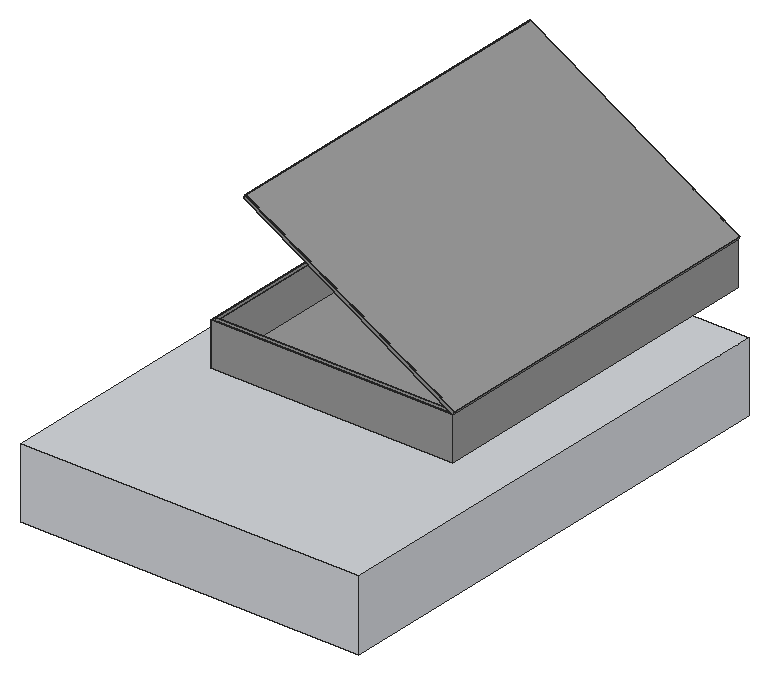
Revit family "Hager-Univers-IP54-D205-H550-Cl.I-encl-DE-de", category Equipement électrique, Revit 2020
Family settings
  Hôte = Face
  Configuration du panneau = Deux colonnes, circuits au sein
  Cote de connecteur circulaire = Utiliser le diamètre
  Type d'élément = Tableau de raccordement
  Couper avec des vides une fois chargée = Non
  Partagée = Non
  Point de calcul de pièce = Non
Parameters (values of type "Aufputz IP54 B1050 H1550 T205  - FP04TW2")
  Width Control [instance] = if([EF000008 - Breite] > Min Width, [EF000008 - Breite], Min Width)  # 1050 mm
  Commentaires du type = [HG000003 - Bereich]  # "Univers"
  Thickness Door [instance] = if([EF009171 - Materialstärke Tür/Deckel] > 3 mm, 3 mm, [EF009171 - Materialstärke Tür/Deckel])  # 1 mm
  Seal Frame Offset [instance] = 17 mm  # constant formula
  Plinth Visibility [instance] = [HG000027 - Sockelhöhe] > 0 mm  # no
  Model = ""
  Min Width [instance] = 100 mm  # constant formula
  Min Height [instance] = 100 mm  # constant formula
  Min Depth [instance] = (2 * [EF009170 - Materialstärke Gehäuse]) + 1 mm  # 3 mm
  Internal Frame Depth [instance] = (Door System Depth * 0.5)  # 9 mm
  Height Control [instance] = if([EF000040 - Höhe] > Min Height, [EF000040 - Höhe], Min Height)  # 1550 mm
  HG000027 - Sockelhöhe = 0 mm
  HG000026 - Stehend auf dem Boden = no
  HG000024 - Höhe des unteren Teils = 800 mm
  HG000023 - Gehäuse mit doppeltem Querschnitt = no
  HG000016 - 3D-Türsichtbarkeit [instance] = yes
  HG000015 - Sichtbarkeit der Türöffnung [instance] = no
  HG000014 - Tür rechts [instance] = yes
  HG000013 - Tür links [instance] = not([HG000014 - Tür rechts])  # no
  HG000012 - Türschwenkwinkel [instance] = 30.00°
  HG000010 - Asymmetrische Türen = no
  HG000009 - Doppelflügeligen Tür = no
  HG000006 - Unterputz = no
  HG000004 - Herstellerreferenz = "FP04TW2"
  HG000003 - Bereich = "Univers"
  HG000002 - Mit tür = yes
  Frame Offset Bottom [instance] = 10 mm  # constant formula
  Frame Offset [instance] = 15 mm  # constant formula
  EF015940 - Deckel mit Überdruckentlastung = no
  EF011959 - Schutzart (NEMA) = ""
  EF009554 - Anzahl der Öffnungen für Flanschplatten = 8
  Fabricant = "Hager"  # constant formula
  EF009212 - Ausführung Deckel = "EV000116 - geschlossen"
  EF009171 - Materialstärke Tür/Deckel = 1 mm
  EF009170 - Materialstärke Gehäuse = 1 mm
  EF008873 - Nennstrom (In) = 400 A
  EF007800 - Geeignet für Blitzschutz = no
  EF006306 - Mit Schloss = no
  EF006244 - Transparenter Deckel/Tür = no
  EF005474 - Schutzart (IP) = "EV006419 - IP54"
  EF004464 - Art der Tür = "EV003602 - Doppel"
  EF004427 - Anzahl der Module = 480
  EF004293 - Schlagfestigkeit = "EV006815 - IK09"
  EF003532 - Geeignet für Außengebrauch = no
  EF002950 - Breite in Teilungseinheiten = 48
  EF001613 - Funktionserhalt = "EV000494 - ohne"
  EF001596 - Werkstoff des Gehäuses = "EV000179 - Stahl"
  EF001131 - Innentiefe = 205 mm
  EF001088 - Anbaumöglichkeit = yes
  EF000437 - Anzahl der Leitungseinführungen = 8
  EF000339 - Art der Abdeckung = "EV001012 - Deckel"
  EF000266 - Anzahl der Reihen = 10
  EF000218 - Einbautiefe = 205 mm
  EF000118 - Mit Montageplatte = no
  EF000116 - RAL-Nummer = "9010"
  EF000049 - Tiefe = 205 mm
  EF000040 - Höhe = 1550 mm
  EF000008 - Breite = 1050 mm
  EF000007 - Farbe = "EV000202 - weiß"
  EF000003 - Montageart = "EV000384 - Aufputz"
  Door System Leaf Tolerance [instance] = 1.5 mm  # constant formula
  Door System Depth [instance] = 18 mm  # constant formula
  Door Height [instance] = Height Control - [HG000027 - Sockelhöhe]  # 1550 mm
  Depth Control [instance] = if([EF000049 - Tiefe] > Min Depth, [EF000049 - Tiefe], Min Depth)  # 205 mm
  Default Elevation = 0 mm
  Connector Offset [instance] = Height Control / 2  # 775 mm
  Bottom Top Plate Trim [instance] = 1.5 mm  # constant formula
  Plinth height Ctrl [instance] = if([HG000027 - Sockelhöhe] > 0 mm, [HG000027 - Sockelhöhe], 12 mm)  # 12 mm
Reference planes
  plane 1 "Center (Front/Back)": y = 0
  plane 2: z = 0
  plane 3 "Center (Left/Right)": x = 0
  plane 4: z = 205
  plane 5: y = 1
  plane 6: y = 775
  plane 7: y = 0
  plane 8: y = 1550
  plane 9: z = 0
  plane 10: x = -510
  plane 11: x = 510
  plane 12: x = 509
  plane 13: x = -509
  plane 14: y = 1549
  plane 15: x = -508
  plane 16: x = -525
  plane 17: x = 508
  plane 18: x = 525
  plane 19: x = 524
  plane 20: x = -524
  plane 21: y = 11
  plane 22: y = 1550
  plane 23: y = 1534
  plane 24: z = 187
  plane 25: z = 1
  plane 26: z = 186
  plane 27: z = 204
Forms (mm)
  Extrusion 1, solid
    sketch origin (0, 0, 0) x (1, 0, 0) y (0, 1, 0)
      loop
        line (-702.964, 1305) -> (-702.964, -811.445) -> (766.763, -811.445) -> (766.763, 1305) -> (-702.964, 1305)
    from 0 to -304.8
  Extrusion 2, solid, material "Hager_Steel_RAL7035_Light_Grey", visible <- "Plinth Visibility", detail levels medium+fine
    sketch origin (0, 0, 0) x (1, 0, 0) y (0, 1, 0)
      loop
        line (-525, 0) -> (525, 0) -> (525, 12) -> (-525, 12) -> (-525, 0)
    from 0 to 187
  Extrusion 3, solid, material "Hager_Steel_RAL7035_Light_Grey", detail levels medium+fine
    sketch origin (0, 0, 0) x (1, 0, 0) y (0, 1, 0)
      loop
        line (-525, 0) -> (525, 0) -> (525, 1550) -> (-525, 1550) -> (-525, 0)
    from 0 to 187
  Extrusion 4, void
    sketch origin (0, 0, 0) x (1, 0, 0) y (0, 1, 0)
      loop
        line (-524, 1) -> (524, 1) -> (524, 1549) -> (-524, 1549) -> (-524, 1)
    from 1 to 186
  Extrusion 5, void
    sketch origin (-381.607, -4572, 187) x (0, -1, 0) y (-1, 0, 0)
      loop
        line (-4583, 127.393) -> (-6106, 127.393) -> (-6106, -890.607) -> (-4583, -890.607) -> (-4583, 127.393)
    from 0 to 1 <- "EF009170 - Materialstärke Gehäuse"
  Extrusion 6, solid, material "Hager_Steel_RAL7035_Light_Grey", detail levels fine
    sketch origin (0, 0, 187) x (1, 0, 0) y (0, 1, 0)
      loop
        line (-509, 1534) -> (-509, 11) -> (509, 11) -> (509, 1534) -> (-509, 1534)
      loop
        line (-510, 10) -> (510, 10) -> (510, 1535) -> (-510, 1535) -> (-510, 10)
    from 0 to 9 <- "Internal Frame Depth"
  Extrusion 7, solid, material "Hager_Steel_RAL7035_Light_Grey", detail levels coarse
    sketch origin (0, 0, 0) x (1, 0, 0) y (0, 1, 0)
      loop
        line (-525, 0) -> (525, 0) -> (525, 1550) -> (-525, 1550) -> (-525, 0)
    from 0 to 205
  Sweep 8, void
    path in 3D
      loop
        line (-525, 12, 0) -> (525, 12, 0) -> (525, 12, 187) -> (-525, 12, 187) -> (-525, 12, 0)
    profile origin (-525, 12, 93.5) x (-1, 0, 0) y (0, -1, 0)
      loop
        line (0, 0) -> (0, 1.5) -> (-1.5, 1.5)
        arc (-1.5, 1.5) -> (-1.061, 0.439) -> (0, 0) r 1.5
Cuts and joins
  Extrusion 4, Extrusion 5 cuts Extrusion 3
  Sweep 8 cuts Extrusion 2
Lines and regions (mm)
  Masking region 1
    outline origin (0, 0, 0) x (1, 0, 0) y (0, 0, 1)
      loop
        line (-525, 205) -> (-525, 0) -> (525, 0) -> (525, 205) -> (-525, 205)
  Masking region 2, detail levels medium+fine
    outline origin (0, 140, 0) x (0, 1, 0) y (0, 0, 1)
      loop
        line (-140, 0) -> (1410, 0) -> (1410, 187) -> (-140, 187) -> (-140, 0)
  Masking region 3, not visible, detail levels medium+fine
    outline origin (0, 297.922, 0) x (0, 1, 0) y (0, 0, 1)
      loop
        line (488.578, 0) -> (528.578, 0) -> (528.578, 194)
        arc (528.578, 194) -> (525.649, 201.071) -> (518.578, 204) r 10
        line (518.578, 204) -> (488.578, 204) -> (488.578, 0)
  Masking region 4, detail levels coarse
    outline origin (0, 0, 180) x (0, 1, 0) y (0, 0, 1)
      loop
        line (0, -180) -> (1550, -180) -> (1550, 25) -> (0, 25) -> (0, -180)
  Masking region 5, visible <- "Plinth Visibility", detail levels medium+fine
    outline origin (0, 52.24, 12.345) x (0, 0, -1) y (0, 1, 0)
      loop
        line (10.845, -40.24) -> (-173.155, -40.24)
        arc (-173.155, -40.24) -> (-173.594, -41.301) -> (-174.655, -41.74) r 1.5
        line (-174.655, -41.74) -> (-174.655, -52.24) -> (12.345, -52.24) -> (12.345, -41.74)
        arc (12.345, -41.74) -> (11.285, -41.301) -> (10.845, -40.24) r 1.5
  Masking region 6, detail levels medium+fine
    outline origin (-381.607, -4572, 187) x (-1, 0, 0) y (0, -1, 0)
      loop
        line (143.393, -6122) -> (143.393, -4572) -> (-906.607, -4572) -> (-906.607, -6122) -> (143.393, -6122)
  Masking region 7, visible <- "Plinth Visibility", detail levels medium+fine
    outline origin (-381.607, -4727, 187) x (-1, 0, 0) y (0, -1, 0)
      loop
        arc (141.893, -4739) -> (142.332, -4737.939) -> (143.393, -4737.5) r 1.5
        line (143.393, -4737.5) -> (143.393, -4727) -> (-906.607, -4727) -> (-906.607, -4737.5)
        arc (-906.607, -4737.5) -> (-905.546, -4737.939) -> (-905.107, -4739) r 1.5
        line (-905.107, -4739) -> (141.893, -4739)
  Masking region 8, detail levels coarse
    outline origin (-442.548, -4669.526, 187) x (-1, 0, 0) y (0, -1, 0)
      loop
        line (82.452, -6219.526) -> (82.452, -4669.526) -> (-967.548, -4669.526) -> (-967.548, -6219.526) -> (82.452, -6219.526)
  sketch lines
    curve 1: line (-525, 12, 187) -> (-525, 12, 0)
    curve 2: line (525, 12, 187) -> (-525, 12, 187)
    curve 3: line (525, 12, 187) -> (525, 12, 0)
    curve 4: line (-525, 12, 0) -> (525, 12, 0)
Dimensions and locks
  "Depth Control": plane 4 to Extrusion 1
  "HG000027 - Sockelhöhe": plane 1 "Center (Front/Back)" to plane 7
  "EF009170 - Materialstärke Gehäuse": plane 5 to plane 7
  locked: connector elem to plane 3 "Center (Left/Right)"
  equal spacing: plane 8, plane 6, plane 7
  locked: connector elem to plane 6
  "EF009170 - Materialstärke Gehäuse": plane 8 to plane 14
  "EF009170 - Materialstärke Gehäuse": plane 10 to plane 13
  "EF009170 - Materialstärke Gehäuse": plane 12 to plane 11
  "Frame Offset": plane 20 to plane 13
  "Frame Offset": plane 12 to plane 19
  "EF009170 - Materialstärke Gehäuse": plane 16 to plane 20
  "EF009170 - Materialstärke Gehäuse": plane 19 to plane 18
  "Seal Frame Offset": plane 16 to plane 15
  "Seal Frame Offset": plane 17 to plane 18
  "Frame Offset Bottom": plane 21 to plane 5
  "Frame Offset": plane 14 to plane 23
  equal spacing: plane 16, plane 3 "Center (Left/Right)", plane 18
  "Width Control": plane 16 to plane 18
  "EF009170 - Materialstärke Gehäuse": plane 4 to plane 27
  "EF009170 - Materialstärke Gehäuse": plane 24 to plane 26
  "EF009170 - Materialstärke Gehäuse": plane 25 to level
  "Door System Depth": plane 4 to plane 24
  "Height Control": plane 1 "Center (Front/Back)" to Extrusion 7 sketch curve
  "Height Control": Masking region 4 sketch curve to plane 1 "Center (Front/Back)"
  "Height Control": plane 1 "Center (Front/Back)" to plane 22
  "Bottom Top Plate Trim": profile plane to Sweep 8 sketch curve
  "Bottom Top Plate Trim": Sweep 8 sketch curve to profile plane
  "Plinth height Ctrl": plane 1 "Center (Front/Back)" to Extrusion 2 sketch curve
  "Plinth height Ctrl": Masking region 5 sketch curve to plane 1 "Center (Front/Back)"
  "Plinth height Ctrl": plane 1 "Center (Front/Back)" to Masking region 7 sketch curve
  "Thickness Door": Extrusion 6 sketch curve to Extrusion 6 sketch curve  (x3)
  "Thickness Door": cut or joined group of Extrusion 3, Extrusion 4, Extrusion 5 to Extrusion 6 sketch curve
  radius of Masking region 3 sketch curve = 10 mm
  "Bottom Top Plate Trim": radius of Masking region 5 sketch curve  (x2)
  "Bottom Top Plate Trim": radius of Sweep 8 sketch curve
  "Bottom Top Plate Trim": radius of Masking region 7 sketch curve  (x2)
  aligned and locked: plane 2 to Extrusion 1
  aligned and locked: level to Extrusion 1
  aligned and locked: level to Masking region 1 sketch curve
  aligned and locked: Masking region 1 sketch curve to plane 18
  aligned and locked: Masking region 1 sketch curve to plane 16
  aligned and locked: plane 7 to Masking region 2 sketch curve
  aligned and locked: level to Masking region 3 sketch curve
  aligned and locked: Masking region 3 sketch curve to plane 27
  aligned and locked: level to Masking region 2 sketch curve
  aligned and locked: plane 1 "Center (Front/Back)" to Extrusion 2 sketch curve
  aligned and locked: Extrusion 3 sketch curve to plane 7
  aligned and locked: plane 16 to Extrusion 3 sketch curve
  aligned and locked: plane 18 to Extrusion 3 sketch curve
  aligned and locked: plane 20 to Extrusion 4 sketch curve
  aligned and locked: plane 19 to Extrusion 4 sketch curve
  aligned and locked: Extrusion 4 sketch curve to plane 5
  aligned and locked: Extrusion 4 to plane 25
  aligned and locked: plane 26 to Extrusion 4
  aligned and locked: plane 24 to Extrusion 3
  aligned and locked: Extrusion 5 sketch curve to plane 21
  aligned and locked: Extrusion 5 sketch curve to plane 13
  aligned and locked: Extrusion 5 sketch curve to plane 12
  aligned and locked: plane 18 to Extrusion 7 sketch curve
  aligned and locked: plane 1 "Center (Front/Back)" to Extrusion 7 sketch curve
  aligned and locked: plane 16 to Extrusion 7 sketch curve
  aligned and locked: plane 4 to Extrusion 7
  aligned and locked: Extrusion 7 to level
  aligned and locked: level to Masking region 4 sketch curve
  aligned and locked: Masking region 4 sketch curve to plane 1 "Center (Front/Back)"
  aligned and locked: Masking region 4 sketch curve to plane 4
  aligned and locked: nested 1 to level
  aligned and locked: nested 1 to plane 16
  aligned and locked: Extrusion 3 sketch curve to plane 8
  aligned and locked: Extrusion 5 sketch curve to plane 23
  aligned and locked: Extrusion 4 sketch curve to plane 14
  aligned and locked: Masking region 2 sketch curve to plane 8
  aligned and locked: level to Masking region 5 sketch curve
  aligned and locked: plane 16 to Extrusion 2 sketch curve
  aligned and locked: plane 18 to Extrusion 2 sketch curve
  aligned and locked: Masking region 5 sketch curve to plane 24
  aligned and locked: Masking region 2 sketch curve to plane 24
  aligned and locked: plane 24 to Extrusion 2
  aligned and locked: profile plane to Sweep 8 sketch curve  (x2)
  aligned and locked: Masking region 6 sketch curve to plane 18
  aligned and locked: Masking region 6 sketch curve to plane 22
  aligned and locked: Masking region 6 sketch curve to plane 16
  aligned and locked: plane 8 to plane 22
  aligned and locked: Masking region 6 sketch curve to plane 7
  aligned and locked: Masking region 7 sketch curve to plane 16
  aligned and locked: Masking region 7 sketch curve to plane 1 "Center (Front/Back)"
  aligned and locked: Masking region 7 sketch curve to plane 18
  aligned and locked: Masking region 8 sketch curve to plane 1 "Center (Front/Back)"
  aligned and locked: Masking region 8 sketch curve to plane 18
  aligned and locked: Masking region 8 sketch curve to plane 22
  aligned and locked: Masking region 8 sketch curve to plane 16
  aligned and locked: nested 2 to plane 7
  aligned and locked: plane 3 "Center (Left/Right)" to nested 2
  aligned and locked: nested 2 to plane 24
  aligned and locked: Extrusion 6 sketch curve to cut or joined group of Extrusion 3, Extrusion 4, Extrusion 5  (x4)
Automatic sketch dimensions
  Extrusion 1 sketch curve to Extrusion 1 sketch curve = 1469.727 mm
  Extrusion 1 sketch curve to Extrusion 1 sketch curve = 2116.445 mm
  Masking region 1 sketch curve to plane 4 = 0 mm
  plane 6 to Masking region 3 sketch curve = 11.5 mm
  Masking region 3 sketch curve to Masking region 3 sketch curve = 30 mm
  Masking region 5 sketch curve to plane 1 "Center (Front/Back)" = 0 mm
Nested families
  nested 1: "Hager_Enclosure_Symbol" at (-525, 0, 0) x (1, 0, 0) z (0, -1, 0), Height <- "Depth Control", Width <- "Width Control", type "Hager_Enclosure_Symbol"
    with Width_Ctrl 1050 mm, Width 1050 mm, Height_Ctrl 205 mm, Height 205 mm, A_Width_Int 13.453 mm, A_Width 161.438 mm, A_Height_Ctrl 179.375 mm, A_Height 179.375 mm
  nested 2: "EC000058_Univers_Door" at (0, 0, 187) x (1, 0, 0) z (0, 1, 0), Leaf_Tolerance <- "Door System Leaf Tolerance", Angle <- "HG000012 - Türschwenkwinkel", Door_Depth <- "Door System Depth", Door_Left <- "HG000013 - Tür links", Transparent <- "EF006244 - Transparenter Deckel/Tür", Assymetrical <- "HG000010 - Asymmetrische Türen", Width <- "Width Control", Clearance <- "HG000015 - Sichtbarkeit der Türöffnung", Double <- "HG000009 - Doppelflügeligen Tür", 3d_Door <- "HG000016 - 3D-Türsichtbarkeit", Lock_Visibility <- "EF006306 - Mit Schloss", Width_Ctrl <- "Width Control", Door_Right <- "HG000014 - Tür rechts", Door <- "HG000002 - Mit tür", Height <- "Door Height", Thickness <- "Thickness Door", type "EC000058_Univers_Door", detail levels medium+fine
    with min_wh 3 mm, Width_Ctrl 1050 mm, Width 1050 mm, Transparent no, Thickness 1 mm, Seal_Material Hager_Rubber, Lock_Visibility no, Lock_Material Hager_Plastic_RAL9005_Jet_Black, Leaf_Width 1050 mm, Leaf_Tolerance_External_Sides 0 mm, Leaf_Tolerance 1.5 mm, Leaf_Offset 0 mm, Leaf_Height 1547 mm, Leaf_2_Width 1050 mm, Leaf_2_Offset 525 mm, Leaf_1_Width 1050 mm, Leaf_1_Offset 525 mm, Height_Ctrl 1550 mm, Height 1550 mm, Glass_Material Hager_Glass, Double_Clearance_Ctrl no, Double no, Door_Right_Ctrl yes, Door_Right yes, Door_Material Hager_Steel_RAL7035_Light_Grey, Door_Left_Ctrl no, Door_Left no, Door_Depth 18 mm, Door yes, Clearance_Material Hager_Clearance, Clearance_Depth 1050 mm, Clearance_Ctrl no, Clearance no, Assymetrical no, Angle 30.00°, 3d_Door yes
Connectors
  electrical at (0, 775, 0)
    settings: on plane 9, index 1, voltage 0 V, apparent load 0 VA, apparent load phase1 0 VA, apparent load phase2 0 VA, apparent load phase3 0 VA, power factor 1, load classification "Other", number of poles 1, system type 30, power factor state 1, is connector primary yes, connector utility no, sub classification motor no, connector description ""
Definition of nested family "EC000058_Univers_Door"
  Parameters (values of type "EC000058_Univers_Door")
    min_wh [instance] = (2 * Thickness) + 1 mm  # 11 mm
    Width_Ctrl [instance] = 400 mm
    Width [instance] = 500 mm
    Transparent [instance] = yes
    Thickness [instance] = 5 mm
    Seal_Material [instance] = none
    Lock_Visibility [instance] = yes
    Lock_Material [instance] = none
    Leaf_Width [instance] = if((Width_Ctrl - 2 * Leaf_Tolerance_External_Sides) > 0 mm, (Width_Ctrl - 2 * Leaf_Tolerance_External_Sides), min_wh)  # 400 mm
    Leaf_Tolerance_External_Sides [instance] = 0 mm  # constant formula
    Leaf_Tolerance [instance] = 1.5 mm
    Leaf_Offset [instance] = 0 mm  # constant formula
    Leaf_Height [instance] = if((Height_Ctrl - 2 * Leaf_Tolerance) > 0 mm, (Height_Ctrl - 2 * Leaf_Tolerance), min_wh)  # 497 mm
    Leaf_2_Width [instance] = if(and(and(Double, Assymetrical), Door_Left), (Leaf_Width / 3) - (Leaf_Tolerance / 2), if(and(and(Double, Assymetrical), Door_Right), (Leaf_Width / 3) * 2 - (Leaf_Tolerance / 2), if(and(Double, not(Assymetrical)), (Leaf_Width / 2) - Leaf_Tolerance, Leaf_Width)))  # 400 mm
    Leaf_2_Offset [instance] = if(and(Double, Assymetrical), Leaf_2_Width / 2, if(and(Double, not(Assymetrical)), Leaf_Width / 4, Leaf_Width / 2))  # 200 mm
    Leaf_1_Width [instance] = if(and(and(Double, Assymetrical), Door_Right), (Leaf_Width / 3) - (Leaf_Tolerance / 2), if(and(and(Double, Assymetrical), Door_Left), (Width / 3) * 2 - (Leaf_Tolerance / 2), if(and(Double, not(Assymetrical)), (Leaf_Width / 2) - Leaf_Tolerance, Leaf_Width)))  # 400 mm
    Leaf_1_Offset [instance] = if(and(Double, Assymetrical), Leaf_1_Width / 2, if(and(Double, not(Assymetrical)), Leaf_Width / 4, Leaf_Width / 2))  # 200 mm
    Height_Ctrl [instance] = if(Height > min_wh, Height, min_wh)  # 500 mm
    Height [instance] = 500 mm
    Glass_Material [instance] = none
    Double_Clearance_Ctrl [instance] = and(Double, Clearance)  # no
    Double [instance] = no
    Door_Right_Ctrl [instance] = and(or(Door_Right, Double), Door)  # yes
    Door_Right [instance] = yes
    Door_Material [instance] = none
    Door_Left_Ctrl [instance] = and(or(Door_Left, Double), Door)  # no
    Door_Left [instance] = no
    Door_Depth [instance] = 30 mm
    Door [instance] = yes
    Default Elevation = 1219.2 mm
    Clearance_Material [instance] = none
    Clearance_Depth [instance] = if(Leaf_1_Width > Leaf_2_Width, Leaf_1_Width, Leaf_2_Width)  # 400 mm
    Clearance_Ctrl [instance] = and(not(Double), Clearance)  # yes
    Clearance [instance] = yes
    Assymetrical [instance] = yes
    Angle [instance] = 30.00°
    3d_Door [instance] = yes
  Reference planes
    plane 1 "Center (Front/Back)": y = 0
    plane 2 "Bottom": z = 0
    plane 3 "Center (Left/Right)": x = 0
    plane 4: z = 500
    plane 5: x = -200
    plane 6: x = 200
    plane 7: z = 500
    plane 8: x = -200
    plane 9: z = 0
    plane 10: x = 200
    plane 11: y = 0
    plane 12: z = 1.5
    plane 13: x = -600
    plane 14: y = -400
    plane 15: x = 600
    plane 16: x = 0
    plane 17: x = 0
    plane 18: x = -200
    plane 19: x = 200
    plane 20: z = 498.5
  Forms (mm)
    Extrusion 1, solid, material <- "Clearance_Material", visible <- "Double_Clearance_Ctrl"
      sketch origin (1200, 0, 0) x (1, 0, 0) y (0, 0, -1)
        loop
          line (-1800, -498.5) -> (-600, -498.5) -> (-600, 0) -> (-1800, 0) -> (-1800, -498.5)
      from 0 to -400
  Dimensions and locks
    equal spacing: plane 5, plane 3 "Center (Left/Right)", plane 6
    "Width_Ctrl": plane 5 to plane 6
    "Leaf_Offset": plane 5 to plane 8
    "Leaf_Offset": plane 6 to plane 10
    "Leaf_Offset": plane 9 to level
    "Leaf_Offset": plane 4 to plane 7
    "Height_Ctrl": plane 4 to level
    "Leaf_Tolerance": plane 12 to plane 9
    locked: plane 11 to plane 1 "Center (Front/Back)"
    "Leaf_1_Offset": plane 18 to plane 16
    "Leaf_2_Offset": plane 17 to plane 19
    "Leaf_1_Width": plane 13 to plane 8
    "Leaf_2_Width": plane 10 to plane 15
    "Clearance_Depth": plane 14 to plane 1 "Center (Front/Back)"
    "Leaf_Tolerance_External_Sides": plane 8 to plane 18
    "Leaf_Tolerance_External_Sides": plane 19 to plane 10
    "Leaf_Tolerance": plane 7 to plane 20
    aligned and locked: level to plane 2 "Bottom"
    aligned and locked: nested 1 to plane 16
    aligned and locked: nested 2 to plane 17
    aligned and locked: Extrusion 1 to plane 13
    aligned and locked: plane 15 to Extrusion 1
    aligned and locked: Extrusion 1 to plane 14
    aligned and locked: plane 12 to nested 1
    aligned and locked: nested 2 to plane 12
    aligned and locked: Extrusion 1 to plane 11
    aligned and locked: plane 20 to Extrusion 1
    aligned and locked: nested 2 to plane 11
    aligned and locked: nested 1 to plane 11
  Automatic sketch dimensions
    Extrusion 1 sketch curve to level = 0 mm
    plane 5 to Extrusion 1 sketch curve = 400 mm
    plane 6 to Extrusion 1 sketch curve = 400 mm
    Extrusion 1 sketch curve to plane 4 = 1.5 mm
  Nested families
    nested 1: "EC000058_Univers_Door_Leaf" at (0, 0, 1.5), Width <- "Leaf_1_Width", visible <- "Door_Left_Ctrl", Leaf_Height <- "Leaf_Height", Angle <- "Angle", 3d_Door <- "3d_Door", Transparent <- "Transparent", Clearance Material <- "Clearance_Material", Clearance <- "Clearance_Ctrl", Door_Material <- "Door_Material", Glass_Material <- "Glass_Material", Door_Depth <- "Door_Depth", Lock_Material <- "Lock_Material", Seal_Material <- "Seal_Material", Lock_Visibility <- "Lock_Visibility", Thickness <- "Thickness", type "EC000058_Univers_Door_Leaf"
      with Width 400 mm, Transparent_Glass_Offset 30 mm, Transparent_Ctrl yes, Transparent yes, Thickness 5 mm, Standard no, Seal_Material none, Seal_D2 8 mm, Seal_D1 1 mm, Offset_Internal_Frame 10 mm, Lock_Width 20 mm, Lock_Visibility_3d yes, Lock_Visibility yes, Lock_Thickness_3 3 mm, Lock_Thickness_2 1 mm, Lock_Thickness_1 3 mm, Lock_Radius_Offset_2 16 mm, Lock_Radius_Offset_1 15 mm, Lock_Radius_2 5 mm, Lock_Radius 6 mm, Lock_Offset 5 mm, Lock_Material none, Lock_Height 80 mm, Lock_Cover_Top_Offset_2d 17 mm, Lock_Cover_Height -65 mm, Leaf_Height 497 mm, Internal_Seal_Thickness 8 mm, Internal_Seal_Depth_2 4.5 mm, Internal_Frame_Depth 25 mm, Glass_Thickness -1 mm, Glass_Offset -2 mm, Glass_Material none, Door_Material none, Door_Depth 30 mm, Clearance Material none, Clearance yes, Angle_Ctrl 30.00°, Angle 30.00°, 3d_Door yes
    nested 2: "EC000058_Univers_Door_Leaf" at (0, 0, 1.5) x (-1, 0, 0) z (0, 0, 1), Width <- "Leaf_2_Width", visible <- "Door_Right_Ctrl", Leaf_Height <- "Leaf_Height", Angle <- "Angle", 3d_Door <- "3d_Door", Transparent <- "Transparent", Clearance Material <- "Clearance_Material", Clearance <- "Clearance_Ctrl", Door_Material <- "Door_Material", Glass_Material <- "Glass_Material", Door_Depth <- "Door_Depth", Lock_Material <- "Lock_Material", Seal_Material <- "Seal_Material", Lock_Visibility <- "Lock_Visibility", Thickness <- "Thickness", type "EC000058_Univers_Door_Leaf"
      with Width 400 mm, Transparent_Glass_Offset 30 mm, Transparent_Ctrl yes, Transparent yes, Thickness 5 mm, Standard no, Seal_Material none, Seal_D2 8 mm, Seal_D1 1 mm, Offset_Internal_Frame 10 mm, Lock_Width 20 mm, Lock_Visibility_3d yes, Lock_Visibility yes, Lock_Thickness_3 3 mm, Lock_Thickness_2 1 mm, Lock_Thickness_1 3 mm, Lock_Radius_Offset_2 16 mm, Lock_Radius_Offset_1 15 mm, Lock_Radius_2 5 mm, Lock_Radius 6 mm, Lock_Offset 5 mm, Lock_Material none, Lock_Height 80 mm, Lock_Cover_Top_Offset_2d 17 mm, Lock_Cover_Height -65 mm, Leaf_Height 497 mm, Internal_Seal_Thickness 8 mm, Internal_Seal_Depth_2 4.5 mm, Internal_Frame_Depth 25 mm, Glass_Thickness -1 mm, Glass_Offset -2 mm, Glass_Material none, Door_Material none, Door_Depth 30 mm, Clearance Material none, Clearance yes, Angle_Ctrl 30.00°, Angle 30.00°, 3d_Door yes
  Definition of nested family "EC000058_Univers_Door_Leaf"
    Parameters (values of type "EC000058_Univers_Door_Leaf")
      Width [instance] = 2000 mm
      Transparent_Glass_Offset [instance] = 30 mm
      Transparent_Ctrl [instance] = and(Transparent, [3d_Door])  # yes
      Transparent [instance] = yes
      Thickness [instance] = 5 mm
      Standard [instance] = and(not(Transparent), [3d_Door])  # no
      Seal_Material [instance] = none
      Seal_D2 [instance] = 8 mm  # constant formula
      Seal_D1 [instance] = 1 mm  # constant formula
      Offset_Internal_Frame [instance] = 10 mm  # constant formula
      Lock_Width [instance] = 20 mm  # constant formula
      Lock_Visibility_3d [instance] = and(Lock_Visibility, [3d_Door])  # yes
      Lock_Visibility [instance] = yes
      Lock_Thickness_3 [instance] = 3 mm  # constant formula
      Lock_Thickness_2 [instance] = 1 mm  # constant formula
      Lock_Thickness_1 [instance] = 3 mm  # constant formula
      Lock_Radius_Offset_2 [instance] = Lock_Radius_Offset_1 + 1 mm  # 16 mm
      Lock_Radius_Offset_1 [instance] = 15 mm  # constant formula
      Lock_Radius_2 [instance] = Lock_Radius - 1 mm  # 5 mm
      Lock_Radius [instance] = 6 mm  # constant formula
      Lock_Offset [instance] = 5 mm  # constant formula
      Lock_Material [instance] = none
      Lock_Height [instance] = 80 mm  # constant formula
      Lock_Cover_Top_Offset_2d [instance] = Lock_Radius_Offset_2 + 1 mm  # 17 mm
      Lock_Cover_Height [instance] = -(Lock_Height - Lock_Radius_Offset_1)  # -65 mm
      Leaf_Height [instance] = 2720.336 mm
      Internal_Seal_Thickness [instance] = 8 mm  # constant formula
      Internal_Seal_Depth_2 [instance] = 4.5 mm  # constant formula
      Internal_Frame_Depth [instance] = if(Door_Depth - Thickness > 5 mm, Door_Depth - Thickness, 5 mm)  # 25 mm
      Glass_Thickness [instance] = if(Thickness > 15 mm, Glass_Offset + 10 mm, -1 mm)  # -1 mm
      Glass_Offset [instance] = if(Thickness > 15 mm, -(Thickness + 10 mm) / 2, -2 mm)  # -2 mm
      Glass_Material [instance] = none
      Door_Material [instance] = none
      Door_Depth [instance] = 30 mm
      Default Elevation = 0 mm
      Clearance Material [instance] = none
      Clearance [instance] = yes
      Angle_Ctrl [instance] = if(Angle > 180.00°, 180.00°, Angle)  # 90.00°
      Angle [instance] = 90.00°
      3d_Door [instance] = yes
    Reference planes
      plane 1 "Center (Front/Back)": y = 0
      plane 2: z = 0
      plane 3 "Center (Left/Right)": x = 0
      plane 4: y = 2000
      plane 5: x = -1000
      plane 6: x = 1000
      plane 7: x = -3000
      plane 8: z = 2720.336
      plane 9: z = 30
      plane 10: z = 2690.336
      plane 11: x = 970
      plane 12: x = -970
      plane 13: y = -3
      plane 14: z = 107.833
      plane 15: y = -5
      plane 16: y = -223.314
      plane 17: x = -1000
      plane 18: z = 1360.168
      plane 19: y = 30
    Forms (mm)
      Extrusion 1, solid, material <- "Clearance Material", visible <- "Clearance"
        sketch origin (0, 0, 0) x (1, 0, 0) y (0, 0, 1)
          loop
            line (-3000, 2720.336) -> (-3000, 0) -> (1000, 0) -> (1000, 2720.336) -> (-3000, 2720.336)
        from 0 to -2000
      Extrusion 2, solid, material <- "Door_Material", visible <- "Standard", detail levels medium+fine
        sketch origin (-1000, 0, 0) x (0, 1, 0) y (-1, 0, 0)
          loop
            line (0, 30) -> (0, 25) -> (2000, 25) -> (2000, 30) -> (0, 30)
        from 0 to 2720.336 <- "Leaf_Height"
      Extrusion 3, solid, material <- "Door_Material", visible <- "Transparent_Ctrl", detail levels medium+fine
        sketch origin (-1000, 0, 0) x (0, 1, 0) y (-1, 0, 0)
          loop
            line (0, 25) -> (2000, 25) -> (2000, 30) -> (0, 30) -> (0, 25)
        from 0 to 2720.336 <- "Leaf_Height"
      Extrusion 4, void
        sketch origin (-1025, 2000, 0) x (0, 1, 0) y (0, 0, -1)
          loop
            line (-30, -2690.336) -> (-30, -30) -> (-1970, -30) -> (-1970, -2690.336) -> (-30, -2690.336)
        from 0 to 5 <- "Thickness"
      Sweep 5, solid, material <- "Seal_Material", visible <- "Transparent_Ctrl", detail levels fine
        path in 3D
          loop
            line (-1025, 30, 30) -> (-1025, 30, 2690.336) -> (-1025, 1970, 2690.336) -> (-1025, 1970, 30) -> (-1025, 30, 30)
        profile origin (-1025, 1000, 30) x (1, 0, 0) y (0, 0, 1)
          loop
            line (0, 0) -> (0, -8) -> (1, -8) -> (1, 0) -> (0, 0)
      Extrusion 6, solid, material <- "Glass_Material", visible <- "Transparent_Ctrl", detail levels medium+fine
        sketch origin (-1030, 0, 0) x (0, 1, 0) y (0, 0, -1)
          loop
            line (1970, -2690.336) -> (1970, -30) -> (30, -30) -> (30, -2690.336) -> (1970, -2690.336)
        from -2 <- "Glass_Offset" to -1 <- "Glass_Thickness"
      Extrusion 7, solid, material <- "Door_Material", visible <- "3d_Door", detail levels medium+fine
        sketch origin (-1025, 2000, 0) x (0, -1, 0) y (0, 0, -1)
          loop
            line (0, -2720.336) -> (2000, -2720.336) -> (2000, 0) -> (0, 0) -> (0, -2720.336)
          loop
            line (1995, -5) -> (5, -5) -> (5, -2715.336) -> (1995, -2715.336) -> (1995, -5)
        from 0 to 25 <- "Internal_Frame_Depth"
      Sweep 8, solid, material <- "Seal_Material", visible <- "Transparent_Ctrl", detail levels fine
        path in 3D
          loop
            line (-1025, 0, 0) -> (-1025, 2000, 0) -> (-1025, 2000, 2720.336) -> (-1025, 0, 2720.336) -> (-1025, 0, 0)
        profile origin (-1025, 0, 1360.168) x (1, 0, 0) y (0, 1, 0)
          loop
            line (0, 10) -> (2.975, 10)
            arc (2.975, 10) -> (4.053, 10.447) -> (4.5, 11.525) r 1.525
            line (4.5, 11.525) -> (4.5, 16.527)
            arc (4.5, 16.527) -> (4.069, 17.569) -> (3.027, 18) r 1.473
            line (3.027, 18) -> (0, 18) -> (0, 10)
      Extrusion 9, solid, material <- "Lock_Material", visible <- "Lock_Visibility_3d", detail levels fine
        sketch origin (-1030, 0, 0) x (0, 1, 0) y (0, 0, -1)
          loop
            arc (1993.5, -1400.168) -> (1994.561, -1399.729) -> (1995, -1398.668) r 1.5
            line (1995, -1398.668) -> (1995, -1320.168) -> (1975, -1320.168) -> (1975, -1398.668)
            arc (1975, -1398.668) -> (1975.439, -1399.729) -> (1976.5, -1400.168) r 1.5
            line (1976.5, -1400.168) -> (1993.5, -1400.168)
        from 3 <- "Lock_Thickness_1" to 0
      Blend 10, solid, material <- "Lock_Material", visible <- "Lock_Visibility_3d", detail levels fine
        base sketch origin (-1033, 0, 0) x (0, 1, 0) y (0, 0, -1)
          loop
            line (1975, -1320.168) -> (1975, -1398.668)
            arc (1975, -1398.668) -> (1975.439, -1399.729) -> (1976.5, -1400.168) r 1.5
            line (1976.5, -1400.168) -> (1993.5, -1400.168)
            arc (1993.5, -1400.168) -> (1994.561, -1399.729) -> (1995, -1398.668) r 1.5
            line (1995, -1398.668) -> (1995, -1320.168) -> (1975, -1320.168)
        top sketch origin (-1033, 0, 0) x (0, 1, 0) y (0, 0, -1)
          loop
            line (1976, -1320.168) -> (1976, -1398.668)
            arc (1976, -1398.668) -> (1976.146, -1399.022) -> (1976.5, -1399.168) r 0.5
            line (1976.5, -1399.168) -> (1993.5, -1399.168)
            arc (1993.5, -1399.168) -> (1993.854, -1399.022) -> (1994, -1398.668) r 0.5
            line (1994, -1398.668) -> (1994, -1320.168) -> (1976, -1320.168)
        from 0 to 1 <- "Lock_Thickness_2"
      Blend 11, solid, material <- "Lock_Material", visible <- "Lock_Visibility_3d", detail levels fine
        base sketch origin (-1034, 0, 0) x (0, 1, 0) y (0, 0, -1)
          loop
            line (1978, -1320.168) -> (1978, -1384.168)
            arc (1978, -1384.168) -> (1985, -1391.168) -> (1992, -1384.168) r 7
            line (1992, -1384.168) -> (1992, -1320.168) -> (1978, -1320.168)
        top sketch origin (-1034, 0, 0) x (0, 1, 0) y (0, 0, -1)
          loop
            line (1991, -1320.168) -> (1979, -1320.168) -> (1979, -1383.168)
            arc (1979, -1383.168) -> (1985, -1389.168) -> (1991, -1383.168) r 6
            line (1991, -1383.168) -> (1991, -1320.168)
        from 0 to 3 <- "Lock_Thickness_3"
      Extrusion 12, solid, material <- "Lock_Material", visible <- "Lock_Visibility_3d", detail levels fine
        sketch origin (-1030, 1975, 1320.168) x (1, 0, 0) y (0, -1, 0)
          loop
            line (-7, -19) -> (-7, -1) -> (0, -1) -> (0, 0) -> (-8, 0) -> (-8, -20) -> (0, -20) -> (0, -19) -> (-7, -19)
        from 0 to -65 <- "Lock_Cover_Height"
      Extrusion 13, void
        sketch origin (-1038, 1995, 1320.168) x (-1, 0, 0) y (0, 0, -1)
          loop
            line (-5, -65) -> (0, -65) -> (-5, -60) -> (-5, -65)
        from 0 to 20 <- "Lock_Width"
      Extrusion 14, void
        sketch origin (-1038, 1975, 1320.168) x (0, -1, 0) y (0, 0, -1)
          loop
            circle (-10, -15.995) r 6
          loop
            circle (-10, -15.995) r 5
        from 0 to 2
      Extrusion 15, solid, material <- "Lock_Material", visible <- "Lock_Visibility_3d", detail levels medium
        sketch origin (-1030, 0, 0) x (0, 1, 0) y (0, 0, -1)
          loop
            arc (1993.5, -1400.168) -> (1994.561, -1399.729) -> (1995, -1398.668) r 1.5
            line (1995, -1398.668) -> (1995, -1320.168) -> (1975, -1320.168) -> (1975, -1398.668)
            arc (1975, -1398.668) -> (1975.439, -1399.729) -> (1976.5, -1400.168) r 1.5
            line (1976.5, -1400.168) -> (1993.5, -1400.168)
        from 8 to 0
    Cuts and joins
      Extrusion 4 cuts Extrusion 3
      Extrusion 13, Extrusion 14 cuts Extrusion 9
      Extrusion 14 cuts Blend 11
      Extrusion 13, Extrusion 14 cuts Extrusion 12
      joined: Extrusion 9, Blend 10, Blend 11, Extrusion 12
      Extrusion 14 cuts Extrusion 15
    Lines and regions (mm)
      Masking region 1, visible <- "Lock_Visibility", detail levels fine
        outline origin (0, 0, 0) x (0, 1, 0) y (0, 0, 1)
          loop
            line (30, 1320.168) -> (33, 1320.168) -> (33, 1400.168) -> (30, 1400.168) -> (30, 1320.168)
      Masking region 2, visible <- "Lock_Visibility", detail levels fine
        outline origin (0, 3.143, 0) x (0, 1, 0) y (0, 0, 1)
          loop
            line (29.857, 1354.168) -> (30.857, 1354.168) -> (30.857, 1366.168) -> (29.857, 1366.168) -> (29.857, 1354.168)
      Masking region 3, detail levels medium+fine
        outline origin (0, 0, 0) x (0, 1, 0) y (0, 0, 1)
          loop
            line (0, 0) -> (30, 0) -> (30, 2720.336) -> (0, 2720.336) -> (0, 0)
      Masking region 4, detail levels medium+fine
        outline origin (0, 0, 0) x (1, 0, 0) y (0, 0, 1)
          loop
            line (-1000, 2720.336) -> (-1000, 0) -> (1000, 0) -> (1000, 2720.336) -> (-1000, 2720.336)
      Masking region 5, visible <- "Lock_Visibility", detail levels fine
        outline origin (-47.116, 0, 0) x (1, 0, 0) y (0, 0, 1)
          loop
            arc (1024.616, 1399.168) -> (1023.556, 1398.729) -> (1023.116, 1397.668) r 1.5
            line (1023.116, 1397.668) -> (1023.116, 1320.168) -> (1041.116, 1320.168) -> (1041.116, 1397.668)
            arc (1041.116, 1397.668) -> (1040.677, 1398.729) -> (1039.616, 1399.168) r 1.5
            line (1039.616, 1399.168) -> (1024.616, 1399.168)
      Masking region 6, visible <- "Lock_Visibility", detail levels medium+fine
        outline origin (-25, 0, 0) x (1, 0, 0) y (0, 0, 1)
          loop
            arc (1001.5, 1400.168) -> (1000.439, 1399.729) -> (1000, 1398.668) r 1.5
            line (1000, 1398.668) -> (1000, 1320.168) -> (1020, 1320.168) -> (1020, 1398.668)
            arc (1020, 1398.668) -> (1019.561, 1399.729) -> (1018.5, 1400.168) r 1.5
            line (1018.5, 1400.168) -> (1001.5, 1400.168)
      Masking region 7, visible <- "Lock_Visibility", detail levels fine
        outline origin (-73.735, 0, 0) x (1, 0, 0) y (0, 0, 1)
          loop
            line (1051.735, 1382.168) -> (1065.735, 1382.168) -> (1065.735, 1384.168)
            arc (1065.735, 1384.168) -> (1058.735, 1391.168) -> (1051.735, 1384.168) r 7
            line (1051.735, 1384.168) -> (1051.735, 1382.168)
      Masking region 8, visible <- "Lock_Visibility", detail levels fine
        outline origin (-73.735, 0, 0) x (1, 0, 0) y (0, 0, 1)
          loop
            line (1052.735, 1382.168) -> (1064.735, 1382.168) -> (1064.735, 1383.168)
            arc (1064.735, 1383.168) -> (1058.735, 1389.168) -> (1052.735, 1383.168) r 6
            line (1052.735, 1383.168) -> (1052.735, 1382.168)
      Masking region 9, visible <- "Lock_Visibility", detail levels fine
        outline origin (-25, 0, 0) x (1, 0, 0) y (0, 0, 1)
          loop
            line (1020, 1320.168) -> (1020, 1382.168) -> (1000, 1382.168) -> (1000, 1320.168) -> (1020, 1320.168)
      Masking region 10, detail levels medium+fine
        outline origin (0, 0, 0) x (1, 0, 0) y (0, 0, 1)
          loop
            circle (985, 1335.144) r 6
      Masking region 11, detail levels fine
        outline origin (0, 0, 0) x (1, 0, 0) y (0, 0, 1)
          loop
            circle (985, 1335.144) r 5
      Masking region 12, visible <- "Lock_Visibility", detail levels fine
        outline origin (0, 12.767, 0) x (0, 1, 0) y (0, 0, 1)
          loop
            line (20.233, 1320.168) -> (21.233, 1320.168) -> (21.233, 1399.168) -> (20.233, 1400.168) -> (20.233, 1320.168)
      Masking region 13, visible <- "Lock_Visibility", detail levels fine
        outline origin (0, 13.767, -10) x (0, 1, 0) y (0, 0, 1)
          loop
            line (20.233, 1330.168) -> (23.233, 1330.168) -> (23.233, 1399.168) -> (20.233, 1402.168) -> (20.233, 1330.168)
      Masking region 14, visible <- "Lock_Visibility", detail levels fine
        outline origin (0, 12.767, -10) x (0, 1, 0) y (0, 0, 1)
          loop
            line (20.233, 1330.168) -> (25.233, 1330.168) -> (25.233, 1399.305) -> (20.233, 1394.305) -> (20.233, 1330.168)
      Masking region 15, visible <- "Lock_Visibility", detail levels medium
        outline origin (0, 0, 0) x (0, 1, 0) y (0, 0, 1)
          loop
            line (30, 1320.168) -> (38, 1320.168) -> (38, 1400.168) -> (30, 1400.168) -> (30, 1320.168)
      Masking region 16, visible <- "Lock_Visibility", detail levels fine
        outline origin (-1000, 0, 0) x (0, 1, 0) y (-1, 0, 0)
          loop
            line (1975, 30) -> (1995, 30) -> (1995, 38) -> (1975, 38) -> (1975, 30)
          loop
            line (1979, 37) -> (1976, 37) -> (1976, 34) -> (1978, 34) -> (1979, 37)
          loop
            line (1994, 37) -> (1991, 37) -> (1992, 34) -> (1994, 34) -> (1994, 37)
      Masking region 17, visible <- "Lock_Visibility", detail levels medium
        outline origin (-1000, 0, 0) x (0, 1, 0) y (-1, 0, 0)
          loop
            line (1975, 30) -> (1995, 30) -> (1995, 38) -> (1975, 38) -> (1975, 30)
      symbolic lines
        curve 1: line (1000, 0, 0) -> (-3000, 0, 0)
        curve 2: arc (1000, 0, 0) -> (-1000, 2000, 0) -> (-3000, 0, 0) r 2000
        curve 4: line (-1030, 0, 0) -> (-1030, 2000, 0)
      reference lines
        curve 3: line (-1000, 0, 0) -> (-1000, 2000, 0)
      symbolic lines, detail levels medium+fine
        curve 5: line (-1030, 2000, 0) -> (-1025, 2000, 0)
        curve 7: line (-1025, 0, 0) -> (-1030, 0, 0)
        curve 8: line (-1025, 0, 0) -> (-1000, 0, 0)
        curve 9: line (-1000, 0, 0) -> (-1000, 2000, 0)
        curve 10: line (-1000, 2000, 0) -> (-1025, 2000, 0)
      symbolic lines, detail levels fine
        curve 6: line (-1025, 2000, 0) -> (-1025, 0, 0)
      sketch lines
        curve 11: line (-1025, 0, 2720.336) -> (-1025, 0, 0)
        curve 12: line (-1025, 2000, 0) -> (-1025, 0, 0)
        curve 13: line (-1025, 2000, 2720.336) -> (-1025, 2000, 0)
        curve 14: line (-1025, 0, 2720.336) -> (-1025, 2000, 2720.336)
        curve 15: line (-1025, 1970, 30) -> (-1025, 30, 30)
        curve 16: line (-1025, 30, 30) -> (-1025, 30, 2690.336)
        curve 17: line (-1025, 1970, 2690.336) -> (-1025, 1970, 30)
        curve 18: line (-1025, 30, 2690.336) -> (-1025, 1970, 2690.336)
      symbolic lines, visible <- "Transparent", detail levels medium+fine
        curve 19: line (-970, 0, 2690.336) -> (970, 0, 2690.336)
        curve 20: line (-970, 0, 30) -> (-970, 0, 2690.336)
        curve 21: line (970, 0, 30) -> (-970, 0, 30)
        curve 22: line (970, 0, 2690.336) -> (970, 0, 30)
    Dimensions and locks
      "Width": plane 1 "Center (Front/Back)" to plane 4
      equal spacing: plane 5, plane 3 "Center (Left/Right)", plane 6
      "Width": plane 5 to plane 6
      "Width": plane 7 to plane 5
      "Leaf_Height": plane 8 to level
      "Width": curve 5 to curve 3
      "Width": curve 3 to curve 3
      plane 8 to plane 10 = 30 mm
      plane 9 to level = 30 mm
      plane 12 to plane 5 = 30 mm
      plane 6 to plane 11 = 30 mm
      Extrusion 1 to Extrusion 4 sketch curve = 30 mm
      "Transparent_Glass_Offset": curve 3 to Extrusion 4 sketch curve
      "Transparent_Glass_Offset": Extrusion 4 sketch curve to cut or joined group of Extrusion 3, Extrusion 4  (x2)
      cut or joined group of Extrusion 3, Extrusion 4 to Extrusion 6 sketch curve = 30 mm
      "Transparent_Glass_Offset": cut or joined group of Extrusion 3, Extrusion 4 to Extrusion 4 sketch curve
      "Thickness": curve 6 to curve 4
      "Thickness": Extrusion 7 sketch curve to Extrusion 7 sketch curve  (x4)
      "Door_Depth": curve 4 to curve 3
      "Offset_Internal_Frame": profile plane to Sweep 8 sketch curve
      "Internal_Seal_Thickness": Sweep 8 sketch curve to Sweep 8 sketch curve
      "Internal_Seal_Depth_2": profile plane to Sweep 8 sketch curve
      "Seal_D1": profile plane to Sweep 5 sketch curve
      "Seal_D2": profile plane to Sweep 5 sketch curve
      "Thickness": Extrusion 2 sketch curve to Extrusion 2 sketch curve
      equal spacing: Extrusion 9 sketch curve, plane 18, Extrusion 9 sketch curve  (x2)
      equal spacing: Masking region 1 sketch curve, plane 18, Masking region 1 sketch curve
      "Lock_Height": Masking region 1 sketch curve to Masking region 1 sketch curve
      "Lock_Radius": Masking region 2 sketch curve to plane 18 to Masking region 2 sketch curve
      Masking region 2 sketch curve to Masking region 1 = 1 mm
      "Door_Depth": plane 19 to plane 1 "Center (Front/Back)"
      "Lock_Thickness_1": Masking region 1 sketch curve to plane 19
      "Lock_Width": Extrusion 9 sketch curve to Extrusion 9 sketch curve
      "Lock_Height": Extrusion 9 sketch curve to Extrusion 9 sketch curve
      "Lock_Offset": cut or joined group of Extrusion 3, Extrusion 4 to Extrusion 9 sketch curve
      equal spacing: plane 8, plane 18, level
      "Lock_Radius_Offset_1": Blend 11 sketch curve to Blend 10
      locked: Blend 10 to Blend 11 sketch curve at 2  (x2)
      locked: var sketch to Blend 11 sketch curve at 1  (x2)
      "Lock_Radius_Offset_2": Blend 11 sketch curve to Blend 10
      locked: Extrusion 12 sketch curve to Extrusion 12 sketch curve at 1  (x3)
      Masking region 6 sketch curve to Masking region 6 sketch curve = 80 mm
      "Lock_Height": Masking region 6 sketch curve to Masking region 6 sketch curve
      "Lock_Width": Masking region 6 sketch curve to Masking region 6 sketch curve
      locked: Masking region 6 to Masking region 5 sketch curve at 1  (x3)
      locked: Masking region 5 to Masking region 7 sketch curve at 2  (x2)
      "Lock_Radius_Offset_1": Masking region 5 to Masking region 7 sketch curve
      "Lock_Radius_Offset_2": Masking region 5 to Masking region 8 sketch curve
      locked: Masking region 7 to Masking region 8 sketch curve at 1  (x2)
      "Lock_Cover_Top_Offset_2d": Masking region 5 to Masking region 9 sketch curve
      equal spacing: Masking region 9, Masking region 10 sketch curve, Masking region 9
      equal spacing: Masking region 9, Masking region 11 sketch curve, Masking region 9
      Extrusion 15 sketch curve to Extrusion 15 sketch curve = 80 mm
      "Lock_Width": Extrusion 15 sketch curve to Extrusion 15 sketch curve
      "Lock_Height": Extrusion 15 sketch curve to Extrusion 15 sketch curve
      equal spacing: Extrusion 15 sketch curve, plane 18, Extrusion 15 sketch curve
      "Lock_Thickness_3": Masking region 13 sketch curve to Masking region 13 sketch curve
      "Lock_Height": Masking region 12 sketch curve to Masking region 12 sketch curve
      locked: Masking region 13 sketch curve to Masking region 1 at 8
      locked: Masking region 14 sketch curve to Masking region 13 at 1
      locked: Masking region 14 sketch curve to Masking region 1 at 10.863
      "Lock_Height": Masking region 15 sketch curve to Masking region 15 sketch curve
      "Lock_Offset": Extrusion 15 sketch curve to cut or joined group of Extrusion 3, Extrusion 4
      "Lock_Offset": plane 6 to Masking region 6 sketch curve
      radius of Sweep 8 sketch curve = 1.525 mm
      radius of Sweep 8 sketch curve = 1.473 mm
      radius of Extrusion 9 sketch curve = 1.5 mm  (x2)
      "Lock_Radius": radius of Extrusion 14 sketch curve
      "Lock_Radius_2": radius of Extrusion 14 sketch curve
      "Lock_Radius": radius of Masking region 10 sketch curve
      "Lock_Radius_2": radius of Masking region 11 sketch curve
      radius of Extrusion 15 sketch curve = 1.5 mm  (x2)
      "Angle_Ctrl": angle plane 1 "Center (Front/Back)" to curve 3
      locked: Masking region 12 sketch curve to Masking region 12 sketch curve (angle 45.00°)
      locked: Masking region 13 sketch curve to Masking region 13 sketch curve (angle 45.00°)
      locked: Masking region 14 sketch curve to Masking region 14 sketch curve (angle 45.00°)
      aligned and locked: level to plane 2
      aligned and locked: Extrusion 1 to curve 1
      aligned and locked: plane 6 to Extrusion 1
      aligned and locked: Extrusion 1 to plane 1 "Center (Front/Back)"
      aligned and locked: plane 4 to Extrusion 1
      aligned and locked: plane 8 to Extrusion 1
      aligned and locked: curve 7 to Extrusion 2 sketch curve
      aligned and locked: curve 5 to Extrusion 2 sketch curve
      aligned and locked: curve 7 to Extrusion 3 sketch curve
      aligned and locked: Extrusion 3 sketch curve to curve 4
      aligned and locked: Extrusion 3 sketch curve to curve 6
      aligned and locked: Extrusion 3 sketch curve to curve 5
      aligned and locked: curve 9 to curve 3
      aligned and locked: Extrusion 7 sketch curve to cut or joined group of Extrusion 3, Extrusion 4  (x4)
      aligned and locked: plane 17 to curve 3
      aligned and locked: plane 1 "Center (Front/Back)" to curve 3
      aligned and locked: plane 17 to plane 5
      aligned and locked: Sweep 8 sketch curve to profile plane
      aligned and locked: Sweep 5 sketch curve to profile plane  (x2)
      aligned and locked: Masking region 1 to Masking region 2 sketch curve
      aligned and locked: plane 19 to Masking region 1 sketch curve
      aligned and locked: plane 1 "Center (Front/Back)" to Masking region 3 sketch curve
      aligned and locked: plane 19 to Masking region 3 sketch curve
      aligned and locked: level to Masking region 3 sketch curve
      aligned and locked: Masking region 3 sketch curve to plane 8
      aligned and locked: plane 17 to Masking region 4 sketch curve
      aligned and locked: level to Masking region 4 sketch curve
      aligned and locked: Masking region 4 sketch curve to plane 8
      aligned and locked: plane 12 to curve 20
      aligned and locked: plane 10 to curve 19
      aligned and locked: plane 11 to curve 22
      aligned and locked: curve 21 to plane 9
      aligned and locked: Extrusion 2 sketch curve to cut or joined group of Extrusion 3, Extrusion 4
      aligned and locked: Blend 10 sketch curve to Extrusion 9  (x4)
      aligned and locked: Extrusion 9 to Blend 10 sketch curve
      aligned and locked: Blend 10 to Blend 11 sketch curve
      aligned and locked: Extrusion 12 sketch curve to Blend 11
      aligned and locked: Extrusion 12 sketch curve to Extrusion 9  (x4)
      aligned and locked: Masking region 5 sketch curve to Masking region 6
      aligned and locked: Masking region 9 sketch curve to Masking region 6  (x3)
      aligned and locked: Masking region 12 sketch curve to Masking region 1
      aligned and locked: Masking region 13 sketch curve to Masking region 1
      aligned and locked: Masking region 12 to Masking region 14
      aligned and locked: Masking region 14 sketch curve to Masking region 1
      aligned and locked: Masking region 15 sketch curve to Masking region 14
      aligned and locked: Masking region 13 sketch curve to Masking region 12
      aligned and locked: Masking region 16 sketch curve to cut or joined group of Extrusion 14, Extrusion 15  (x4)
      aligned and locked: Masking region 16 sketch curve to cut or joined group of Extrusion 9, Blend 10, Blend 11, Extrusion 12, Extrusion 13, Extrusion 14  (x6)
      aligned and locked: cut or joined group of Extrusion 9, Blend 10, Blend 11, Extrusion 12, Extrusion 13, Extrusion 14 to Masking region 16 sketch curve
      aligned and locked: Masking region 17 sketch curve to cut or joined group of Extrusion 14, Extrusion 15  (x3)
      aligned and locked: Masking region 17 sketch curve to cut or joined group of Extrusion 9, Blend 10, Blend 11, Extrusion 12, Extrusion 13, Extrusion 14
      aligned and locked: Masking region 9 to Masking region 8 sketch curve
      aligned and locked: Masking region 9 to Masking region 7 sketch curve
    Automatic sketch dimensions
      plane 1 "Center (Front/Back)" to curve 2 = 0 mm
      curve 2 to plane 5 = 0 mm
      Extrusion 1 sketch curve to level = 0 mm
      Extrusion 1 sketch curve to plane 7 = 0 mm
      Extrusion 1 sketch curve to plane 6 = 0 mm
      Extrusion 1 sketch curve to plane 8 = 0 mm
      Extrusion 3 to Extrusion 6 sketch curve = 30 mm  (x4)
      Masking region 4 sketch curve to plane 6 = 0 mm
      Blend 10 sketch curve to Extrusion 9 = 1.5 mm
      Blend 10 sketch curve to Extrusion 9 = 1 mm
      Extrusion 13 sketch curve to Extrusion 12 = 0 mm  (x2)
      Extrusion 12 to Extrusion 13 sketch curve = 3 mm
      Extrusion 13 sketch curve to Extrusion 12 = 5 mm
      Extrusion 14 sketch curve to Extrusion 14 sketch curve = 0 mm  (x2)
      Extrusion 14 sketch curve to Extrusion 12 = 10 mm
      Extrusion 14 sketch curve to Extrusion 12 = 15.995 mm
      Masking region 5 sketch curve to Masking region 5 sketch curve = 1.5 mm  (x2)
      Masking region 10 sketch curve to plane 18 = 25.024 mm
      Masking region 11 sketch curve to plane 18 = 25.024 mm
      plane 19 to Masking region 14 sketch curve = 3 mm
      Masking region 16 sketch curve to Masking region 16 sketch curve = 3 mm
      curve 4 to curve 3 = 0 mm
      Blend 10 to Blend 11 sketch curve = 0 mm
      Masking region 6 sketch curve to Masking region 6 sketch curve = 1.5 mm  (x2)
      Masking region 6 sketch curve to plane 18 = 40 mm
      plane 19 to Masking region 12 sketch curve = 3 mm
      Masking region 12 sketch curve to Masking region 12 sketch curve = 1 mm
      Masking region 15 sketch curve to plane 19 = 0 mm
      Masking region 15 sketch curve to plane 18 = 40 mm
      radius of Blend 10 sketch curve to Extrusion 9 = 1 mm
Definition of nested family "Hager_Enclosure_Symbol"
  Parameters (values of type "Hager_Enclosure_Symbol")
    Width_Ctrl [instance] = if(Width > 1 mm, Width, 1 mm)  # 102.27 mm
    Width [instance] = 102.27 mm
    Height_Ctrl [instance] = if(Height > 1 mm, Height, 1 mm)  # 66.5 mm
    A_Width_Int [instance] = if(A_Width / 12 > 2 mm, A_Width / 12, 2 mm)  # 4.364 mm
    A_Width [instance] = if(A_Height_Ctrl * 0.9 > 2 mm, A_Height_Ctrl * 0.9, 2 mm)  # 52.369 mm
    A_Height_Ctrl [instance] = if(A_Height > 2 mm, A_Height, 2 mm)  # 58.188 mm
    Height [instance] = 66.5 mm
    A_Height [instance] = Height - (Height / 8)  # 58.188 mm
  Reference planes
    plane 1 "Centre (avant/arrière)": y = 0
    plane 2: z = 0
    plane 3 "Centre (gauche/droite)": x = 0
    plane 4: x = 52.369
    plane 5: y = 33.042
    plane 6: y = 41.77
    plane 7: y = 66.5
    plane 8: x = 26.184
    plane 9: y = 37.406
    plane 10: x = 102.27
    plane 11: y = 66.5
    plane 12: y = 8.313
  Lines and regions (mm)
    Filled region 1, type "Solid_Black", in view "Niveau de réf."
      outline origin (0, 0, 0) x (1, 0, 0) y (0, 1, 0)
        loop
          line (52.369, 66.5) -> (33.188, 54.536) -> (45.365, 45.006) -> (52.369, 66.5)
    Filled region 2, type "Solid_Black", in view "Niveau de réf."
      outline origin (0, 0, 0) x (1, 0, 0) y (0, 1, 0)
        loop
          line (0, 0) -> (102.27, 0) -> (102.27, 66.5) -> (0, 0)
    detail lines, in view "Niveau de réf."
      curve 1: line (0, 8.313, 0) -> (26.184, 41.77, 0)
      curve 2: line (26.184, 41.77, 0) -> (26.184, 33.042, 0)
      curve 3: line (26.184, 33.042, 0) -> (52.369, 66.5, 0)
  Dimensions and locks
    "A_Width": plane 3 "Centre (gauche/droite)" to plane 4
    equal spacing: plane 3 "Centre (gauche/droite)", plane 8, plane 4
    equal spacing: plane 6, plane 9, plane 5
    equal spacing: curve 3, Filled region 1 sketch curve, Filled region 1 sketch curve
    "Height_Ctrl": plane 1 "Centre (avant/arrière)" to plane 11
    "A_Height_Ctrl": plane 11 to plane 12
    equal spacing: plane 11, plane 9, plane 12
    "A_Width_Int": plane 6 to plane 9
    "Width_Ctrl": plane 3 "Centre (gauche/droite)" to plane 10
    angle Filled region 1 sketch curve to curve 3 = 20.00°
    angle curve 3 to Filled region 1 sketch curve = 20.00°
    locked: curve 3 to Filled region 1 sketch curve (angle 90.00°)
    aligned and locked: plane 10 to Filled region 2
    aligned and locked: plane 11 to Filled region 2 sketch curve
    aligned and locked: plane 10 to Filled region 2 sketch curve
    aligned and locked: plane 3 "Centre (gauche/droite)" to curve 1
    aligned and locked: plane 12 to curve 1
    aligned and locked: plane 7 to plane 11
  Automatic sketch dimensions
    Filled region 1 sketch curve to plane 4 = 0 mm
    Filled region 1 sketch curve to plane 7 = 0 mm
    plane 1 "Centre (avant/arrière)" to Filled region 2 sketch curve = 0 mm
    Filled region 2 sketch curve to plane 3 "Centre (gauche/droite)" = 0 mm
    curve 2 to plane 6 = 0 mm
    curve 2 to plane 8 = 0 mm
    curve 3 to plane 4 = 0 mm
    curve 2 to plane 5 = 0 mm
    curve 3 to plane 7 = 0 mm
